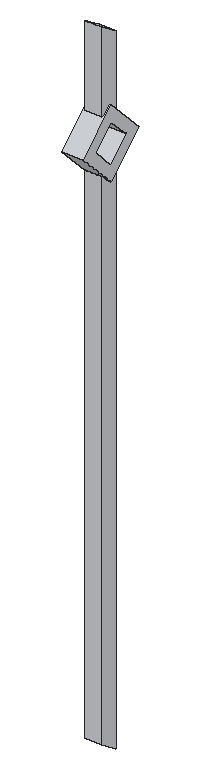
Revit family "M_Baluster - Custom3", category 난간동자, Revit 2026
Family settings
  항상 수직 = 예
  로드될 때 보이드를 사용하여 절단 = 아니오
  공유 = 아니오
Parameters (values of type "20mm")
  built-in parameter 1008623 [instance] = 32.47°
  built-in parameter 1008625 [instance] = (empty or 0)
  Post = no
  built-in parameter 1008624 [instance] = 32.47°
  Width = 20 mm
  t1 = Width + 5.999 mm  # 25.999 mm
  Baluster Material = none
  built-in parameter 1008622 [instance] = 762 mm
Types (3, lengths in mm): name | Width | t1
  (no name) | 20 | 25.999
  25mm | 25 | 30.999
  20mm | 20 | 25.999
Reference planes
  plane 1 "Center F/B": y = 0
  plane 2: z = 0
  plane 3 "Center L/R": x = 0
  plane 4 "Top": z = 762
  plane 5 "Top Angle Cut": through (0, 345.134, 542.379) normal (0, -0.5369, -0.8437)
  plane 6: z = 862
  plane 7: z = 609.6
  plane 8: z = 673.1
  plane 9: z = 641.35
  plane 10: x = -13
  plane 11: x = 13
  plane 12: z = -100
  plane 13: y = 50
  plane 14: x = 50
  plane 15: y = -50
  plane 16: x = -50
  plane 17 "Bottom Angle Cut": through (0, 0, 0) normal (0, -0.5369, -0.8437)
Forms (mm)
  Extrusion 1, solid, material <- "Baluster Material"
    sketch origin (0, 0, 0) x (1, 0, 0) y (0, 1, 0)
      loop
        line (-10, 10) -> (-10, -10) -> (10, -10) -> (10, 10) -> (-10, 10)
    from 673.1 to 862
  Extrusion 2, void
    sketch origin (0, 0, 0) x (0, 1, 0) y (0, 0, 1)
      loop
        line (-50, 862) -> (-50, 793.817) -> (50, 730.183) -> (50, 862) -> (-50, 862)
    from -50 to 50
  Extrusion 3, solid, material <- "Baluster Material"
    sketch origin (0, 0, 0) x (1, 0, 0) y (0, 1, 0)
      loop
        line (-10, 10) -> (-10, -10) -> (10, -10) -> (10, 10) -> (-10, 10)
    from -100 to 609.6
  Extrusion 4, solid, material <- "Baluster Material"
    sketch origin (0, 0, 0) x (0, 1, 0) y (0, 0, 1)
      loop
        line (0, 682.625) -> (-41.275, 641.35) -> (0, 600.075) -> (41.275, 641.35) -> (0, 682.625)
      loop
        line (0, 664.664) -> (-23.314, 641.35) -> (0, 618.036) -> (23.314, 641.35) -> (0, 664.664)
    from -13 to 13
  Extrusion 5, void
    sketch origin (0, 0, 0) x (0, 1, 0) y (0, 0, 1)
      loop
        line (50, -31.817) -> (-50, 31.817) -> (-50, -100) -> (50, -100) -> (50, -31.817)
    from -50 to 50
Cuts and joins
  Extrusion 2, Extrusion 5 cuts Extrusion 1
  Extrusion 5 cuts Extrusion 3
  Extrusion 5 cuts Extrusion 4
Dimensions and locks
  "built-in parameter 1008622": plane 2 to plane 4 "Top"
  locked: plane 4 "Top" to plane 6 at 100
  equal spacing: Extrusion 1 sketch curve, plane 3 "Center L/R", Extrusion 1 sketch curve
  equal spacing: Extrusion 1 sketch curve, plane 1 "Center F/B", Extrusion 1 sketch curve
  "Width": Extrusion 1 sketch curve to Extrusion 1 sketch curve  (x2)
  "Width": Extrusion 3 sketch curve to Extrusion 3 sketch curve  (x2)
  locked: plane 7 to plane 8 at 63.5
  equal spacing: plane 7, plane 9, plane 8
  equal spacing: Extrusion 3 sketch curve, plane 3 "Center L/R", Extrusion 3 sketch curve
  equal spacing: Extrusion 3 sketch curve, plane 1 "Center F/B", Extrusion 3 sketch curve
  "t1": plane 10 to plane 11
  equal spacing: plane 10, plane 3 "Center L/R", plane 11
  locked: level to plane 12 at 100
  locked: plane 7 to plane 4 "Top" at 152.4
  locked: plane 16 to plane 3 "Center L/R" at 50
  locked: plane 3 "Center L/R" to plane 14 at 50
  locked: plane 1 "Center F/B" to plane 13 at 50
  locked: plane 15 to plane 1 "Center F/B" at 50
  "built-in parameter 1008623": angle plane 4 "Top" to plane 5 "Top Angle Cut"
  "built-in parameter 1008624": angle level to plane 17 "Bottom Angle Cut"
  aligned and locked: Extrusion 1 to plane 6
  aligned and locked: Extrusion 3 to plane 7
  aligned and locked: plane 8 to Extrusion 1
  aligned and locked: Extrusion 4 to plane 10
  aligned and locked: Extrusion 4 to plane 11
  aligned and locked: Extrusion 2 to plane 16
  aligned and locked: Extrusion 2 to plane 14
  aligned and locked: plane 6 to Extrusion 2 sketch curve
  aligned and locked: plane 13 to Extrusion 2 sketch curve
  aligned and locked: plane 15 to Extrusion 2 sketch curve
  aligned and locked: Extrusion 2 sketch curve to plane 5 "Top Angle Cut"
  aligned and locked: plane 12 to Extrusion 3
  aligned and locked: Extrusion 5 sketch curve to plane 12
  aligned and locked: plane 13 to Extrusion 5 sketch curve
  aligned and locked: Extrusion 5 sketch curve to plane 15
  aligned and locked: plane 17 "Bottom Angle Cut" to Extrusion 5 sketch curve
  aligned and locked: Extrusion 5 to plane 16
  aligned and locked: Extrusion 5 to plane 14
Automatic sketch dimensions
  Extrusion 4 sketch curve to plane 9 = 0 mm  (x2)
  Extrusion 4 sketch curve to plane 1 "Center F/B" = 0 mm  (x3)
  Extrusion 4 sketch curve to plane 7 = 8.436 mm
  plane 1 "Center F/B" to Extrusion 4 sketch curve = 0 mm
  plane 9 to Extrusion 4 sketch curve = 0 mm  (x2)
  Extrusion 4 sketch curve to Extrusion 4 sketch curve = 17.961 mm
